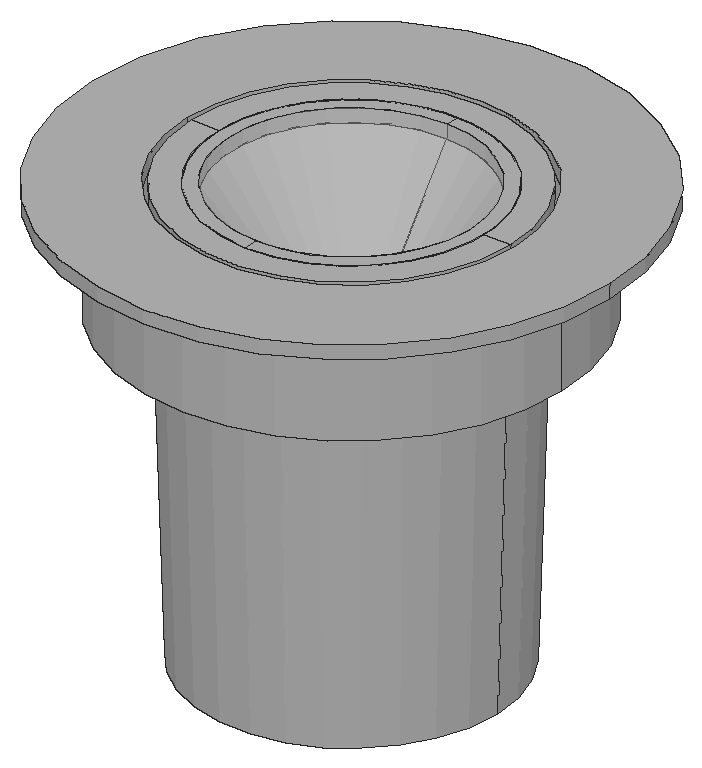
Revit family "3079453 Feilo Sylvania Lighting Fixture INST ECO KIT LED ADJ WH NW DIMMABLE", category Lighting Fixtures, host Face, Revit 2017
Family settings
  Host = Face
  Round Connector Dimension = Use Diameter
  Part Type = Normal
  OmniClass Number = 23.80.70.11.17
  OmniClass Title = Specialized Lighting by Location or Use
  Cut with Voids When Loaded = No
  Light Source = No
  Shared = No
  Room Calculation Point = No
Parameters (values of type "3079453 INST ECO KIT LED ADJ WH NW DIMMABLE")
  Weight = "7.04 kg"
  WarrantyStartDate [instance] = "n/a"
  WarrantyGuarantorParts = "n/a"
  WarrantyDurationUnit = "n/a"
  WarrantyDurationParts = "n/a"
  WarrantyDescription = "n/a"
  Voltage = 230 V
  URL = "http://www.sylvania-lighting.com"
  TypeName = "INST ECO KIT LED ADJ WH NW DIMMABLE"
  TypeHead_FEILO = Rotateable Head : 3079453 INST ECO KIT LED ADJ WH NW DIMMABLE
  SerialNumber [instance] = "n/a"
  PowerFactor = 0
  PowerConsumption = "10 W"
  NominalWidth = 0.0 mm
  NominalLength = 78.0 mm
  NominalHeight = 62.0 mm
  Name = "INST ECO KIT LED ADJ WH NW DIMMABLE"
  ModelReference = "INST ECO KIT LED ADJ WH NW DIMMABLE"
  ModelNumber = "3079453"
  Material_1_FEILO = Aluminum_Sylvania_Instar Eco Kit Adjustable SunDim_Bright
  RecessedDepth_FEILO = Height_FEILO + 38.0 mm  # 100.0 mm
  Material = "aluminium housing, plastic diffuser"
  ManufacturerName = "Feilo Sylvania"
  LuminousEfficacy = "51.5 lm/W"
  LuminaireType = ""
  LightOutputRatio = "100"
  LampsType = Lamp  # "LED"
  LampNominalLuminous = "515 lm"
  LampMacAdamStep = "n/a"
  LampColourTemperature = "4000 K"
  LampColourRenderingIndex = "83"
  Keynote = "16500"
  InstallationDate [instance] = "n/a"
  InputVoltage = "220-240V~"
  InputNominalFrequency = "n/a"
  IngressProtection = "IP23"
  ImpactProtectionIndex = "IK02"
  IfcExportType = "IfcLightFixtureType"
  IfcExportAs = "IfcLightFixtureType"
  HeadRadius_FEILO = HeadDiameter_FEILO / 2  # 24.0 mm
  HeadDiameter_FEILO = AccessoryInnerDiameter_FEILO - 1.5 mm  # 48.0 mm
  ExpectedLife = 50000
  EndAngle_FEILO [instance] = FixtureTiltAngle_FEILO + 180.00°  # 180.00°
  ElectricShockClassification = "Class II"
  DurationUnit = "hours"
  DocumentationLiterature = "http://www.sylvania-lighting.com/product/en-int/products/3079453"
  DimmingControlOptions = "Dimmable"
  CreatedOn = "2/19/2018"
  CreatedBy = ""
  BarCode [instance] = "n/a"
  AssetType = "Fixed"
  AssetIdentifier [instance] = "n/a"
  AccessoryBodyOuterDiameter_FEILO = AccessoryInnerDiameter_FEILO + 14.0 mm  # 63.5 mm
  Offset_FEILO = -5.3 mm  # constant formula
  Diameter_FEILO = AccessoryOuterDiameter_FEILO  # 78.0 mm
  AccessoryInnerDiameter_FEILO = 49.5 mm
  Height_FEILO = 62.0 mm
  FixtureTiltAngle_FEILO [instance] = 0.00°
  CutoutDiameter_FEILO = Diameter_FEILO - 10.0 mm  # 68.0 mm
  Material_2_FEILO = Aluminum_Sylvania_Instar Eco Kit Adjustable SunDim_White
  Material_3_FEILO = Aluminum_Sylvania_Instar Eco Kit Adjustable SunDim_White
  built-in parameter 1114216 [instance] = 1 (stored number, unit not read)
  Model = "INST ECO KIT LED ADJ WH NW DIMMABLE"
  Manufacturer = "Feilo Sylvania"  # constant formula
  Lamp = "LED"
  Material_4_FEILO = Glass_Sylvania_Instar Eco Kit Adjustable SunDim_Clear
  Description = "Utilsing SunDim technology to acheive warmer colour temperature as the fitting is dimmed. Incredible colour quality with 92  to 94 CRI. 12W LED white downlight. Ideal for hospitality accent and display lighting applications such as bathrooms, wellness areas, terraces or porches. Choice of fixed, adjustable and dimmable fixed versions. Comes complete and ready to install with its driver. Available in white and brushed aluminium finishes. Outstanding performace, up to 545lm - at 3,000K. A small 68mm round cut out is required, giving the ability to place your light source almost anywhere due to a shallow luminaire depth of 49.9mm. Quick and easy to install. No UV or IR radiations. LED technology provides energy efficient solution and reduced maintenance costs"  # constant formula
  Default Elevation = 0.0 mm
  built-in parameter 1140040 [instance] = 1
  Assembly Code = "D5020200"
  Apparent Load = 10 VA
  AccessoryBodyInnerDiameter_FEILO = 60.0 mm
  AccessoryOuterDiameter_FEILO = AccessoryBodyInnerDiameter_FEILO + 18.0 mm  # 78.0 mm
Reference planes
  plane 1 "Center (Front/Back)": y = 0
  plane 2: z = 0
  plane 3 "Center (Left/Right)": x = 0
  plane 4 "Fixture Bottom": z = 2
  plane 5 "Accessory Top": z = -15
  plane 6 "Rotation Plane": z = -5.29
  plane 7: y = 5
  plane 8: y = -5
  plane 9: x = -5
Forms (mm)
  Extrusion 1, void
    sketch origin (0, 0, 58) x (-1, 0, 0) y (0, -1, 0)
      loop
        circle (0, 0) r 34
    from -376.952 to -56
  Extrusion 2, solid, material "Aluminum_Sylvania_Instar Eco Kit Adjustable SunDim_White" <- "Material_3_FEILO"
    sketch origin (0, 0, 58) x (-1, 0, 0) y (0, -1, 0)
      loop
        circle (0, 0) r 39
      loop
        circle (0, 0) r 24.75
    from -58 to -56
  Extrusion 3, solid, material "Aluminum_Sylvania_Instar Eco Kit Adjustable SunDim_White" <- "Material_3_FEILO"
    sketch origin (0, 0, 58) x (-1, 0, 0) y (0, -1, 0)
      loop
        circle (0, 0) r 30
      loop
        circle (0, 0) r 31.75
    from -73 to -58
  Revolve 4, solid, not visible
    sketch origin (1.164, -4572, -5.29) x (-1, 0, 0) y (0, -1, 0)
      loop
        line (1.164, -4577) -> (6.164, -4577) -> (6.164, -4567) -> (1.164, -4567) -> (1.164, -4577)
      axis (1.164, -4577) -> (1.164, -4567)
    angle from 0 <- "FixtureTiltAngle_FEILO" to 180 <- "EndAngle_FEILO"
Cuts and joins
  joined: Extrusion 2, Extrusion 3
Dimensions and locks
  locked: plane 4 "Fixture Bottom" to plane 2 at 2
  locked: plane 2 to plane 5 "Accessory Top" at 15
  locked: plane 2 to plane 6 "Rotation Plane" at 5.29
  plane 8 to plane 1 "Center (Front/Back)" to plane 7 = 5.0 mm locked, 5.0 mm locked
  locked: plane 9 to plane 3 "Center (Left/Right)" at 5
  "AccessoryOuterDiameter_FEILO": diameter of Extrusion 2 sketch curve
  "AccessoryInnerDiameter_FEILO": diameter of Extrusion 2 sketch curve
  "AccessoryBodyOuterDiameter_FEILO": diameter of Extrusion 3 sketch curve
  "AccessoryBodyInnerDiameter_FEILO": diameter of Extrusion 3 sketch curve
  "CutoutDiameter_FEILO": diameter of Extrusion 1 sketch curve
  aligned and locked: plane 2 to host face
  aligned and locked: level to host face
  aligned and locked: Extrusion 2 to plane 2
  aligned and locked: plane 4 "Fixture Bottom" to Extrusion 2
  aligned and locked: plane 2 to Extrusion 3
  aligned and locked: Extrusion 3 to plane 5 "Accessory Top"
  aligned and locked: plane 4 "Fixture Bottom" to Extrusion 1
  aligned and locked: plane 3 "Center (Left/Right)" to Revolve 4 sketch curve
  aligned and locked: Revolve 4 sketch curve to plane 3 "Center (Left/Right)"
  aligned and locked: nested 1 to Revolve 4
  aligned and locked: nested 1 to plane 1 "Center (Front/Back)"
  aligned and locked: plane 8 to Revolve 4 sketch curve
  aligned and locked: Revolve 4 sketch curve to plane 7
  aligned and locked: Revolve 4 sketch curve to plane 9
Automatic sketch dimensions
  host sketch curve to host sketch curve = 345.0 mm
  host sketch curve to host sketch curve = 280.0 mm
  Revolve 4 sketch curve to plane 3 "Center (Left/Right)" = 0.0 mm  (x2)
  Revolve 4 sketch curve to plane 7 = 806.717 mm
  plane 8 to Revolve 4 sketch curve = 758.171 mm
  plane 1 "Center (Front/Back)" to Extrusion 1 sketch curve = 0.0 mm
  Extrusion 1 sketch curve to plane 3 "Center (Left/Right)" = 0.0 mm
  Extrusion 2 sketch curve to Extrusion 2 sketch curve = 0.0 mm  (x2)
  plane 1 "Center (Front/Back)" to Extrusion 2 sketch curve = 0.0 mm
  Extrusion 2 sketch curve to plane 3 "Center (Left/Right)" = 0.0 mm
  Extrusion 3 sketch curve to Extrusion 3 sketch curve = 0.0 mm  (x2)
  plane 1 "Center (Front/Back)" to Extrusion 3 sketch curve = 0.0 mm
  Extrusion 3 sketch curve to plane 3 "Center (Left/Right)" = 0.0 mm
Nested families
  nested 1: "Rotateable Head" at (0, -1.973, 0.01) x (1, 0, 0) z (0, 0, -1), type <- "TypeHead_FEILO", type "3079453 INST ECO KIT LED ADJ WH NW DIMMABLE"
Definition of nested family "Rotateable Head"
  Parameters (values of type "3079456 INST ECO KIT LED ADJ BA 2.7K DIMMABLE")
    Wattage = 10 W
    built-in parameter 1150110 = 1 (stored number, unit not read)
    URL = "http://www.feilosylvania.com"
    built-in parameter 1114217 = 1 (stored number, unit not read)
    Tilt Angle = 90.00°
    built-in parameter 1150109 = 1 (stored number, unit not read)
    built-in parameter 1150134 = (empty or 0)
    built-in parameter 1150113 = 1 (stored number, unit not read)
    Model = "INST ECO KIT LED ADJ BA 2.7K DIMMABLE"
    Material_1_FEILO = none
    Photometric Web File = "3079456.ies"
    Outer Radius = 24.0 mm
    Manufacturer = "Feilo Sylvania"
    built-in parameter 1150105 = 854.9 (stored number, unit not read)
    Lumens = 450 lm
    built-in parameter 1150115 = 1 (stored number, unit not read)
    built-in parameter 1150137 = (empty or 0)
    built-in parameter 1150139 = (empty or 0)
    built-in parameter 1150112 = 1 (stored number, unit not read)
    built-in parameter 1150114 = 1 (stored number, unit not read)
    Lamp = "LED"
    Keynote = "16500"
    Inner Radius = Outer Radius - 4.0 mm  # 20.0 mm
    built-in parameter 1150132 = 2
    built-in parameter 1150102 = (empty or 0)
    built-in parameter 1150107 = 2700 (stored number, unit not read)
    built-in parameter 1150138 = (empty or 0)
    built-in parameter 1150106 = 8.549 (stored number, unit not read)
    Height = 62.0 mm
    Emit from Circle Diameter = Diffuser Radius * 2  # 36.0 mm
    Emit Shape Visible in Rendering = no
    built-in parameter 1150104 = 4.1806 (stored number, unit not read)
    Dimming Lamp Color Temperature Shift = (empty or 0)
    Diffuser Radius = Outer Radius - 6.0 mm  # 18.0 mm
    Material_2_FEILO = none
    Description = "25° tiltable, IP23 Accent downlight perfect for 50W Halogen retrofits. Optimal solution in size and luminous efficiency for hospitality and accent and display lighting applications with a 36° beam and 450 lumen output. The downlight provides 2700K CCT and also comes including a dimmable driver."
    Default Elevation = 0.0 mm
    Color Filter = 16777215
    Material_3_FEILO = none
    built-in parameter 1114218 = 1 (stored number, unit not read)
    built-in parameter 1150133 = 10 (stored number, unit not read)
    Assembly Code = "D5020200"
    Apparent Load = 10 VA
  Types (12, lengths in mm): name | built-in parameter 1150134 | Model | Photometric Web File | built-in parameter 1150105 | Lumens | built-in parameter 1150107 | built-in parameter 1150106 | built-in parameter 1150104 | Description
    3079456 INST ECO KIT LED ADJ BA 2.7K DIMMABLE | (empty or 0) | "INST ECO KIT LED ADJ BA 2.7K DIMMABLE" | "3079456.ies" | 854.9 (stored number, unit not read) | 450 lm | 2700 (stored number, unit not read) | 8.549 (stored number, unit not read) | 4.1806 (stored number, unit not read) | "25° tiltable, IP23 Accent downlight perfect for 50W Halogen retrofits. Optimal solution in size and luminous efficiency for hospitality and accent and display lighting applications with a 36° beam and 450 lumen output. The downlight provides 2700K CCT and also comes including a dimmable driver."
    3079455 INST ECO KIT LED ADJ WH 2.7K DIMMABLE | (empty or 0) | "INST ECO KIT LED ADJ WH 2.7K DIMMABLE" | "3079455.ies" | 854.9 (stored number, unit not read) | 450 lm | 2700 (stored number, unit not read) | 8.549 (stored number, unit not read) | 4.1806 (stored number, unit not read) | "25° tiltable, IP23 Accent downlight perfect for 50W Halogen retrofits. Optimal solution in size and luminous efficiency for hospitality and accent and display lighting applications with a 36° beam and 450 lumen output. The downlight provides 2700K CCT and also comes including a dimmable driver."
    3079454 INST ECO KIT LED ADJ BA NW DIMMABLE | 12 | "INST ECO KIT LED ADJ BA NW DIMMABLE" | "3079454.ies" | 981.6 (stored number, unit not read) | 515 lm | 4000 (stored number, unit not read) | 9.816 (stored number, unit not read) | 4.7845 (stored number, unit not read) | "25° tiltable, IP23 Accent downlight perfect for 50W Halogen retrofits. Optimal solution in size and luminous efficiency for hospitality and accent and display lighting applications with a 36° beam and 515 lumen output. The downlight provides 4000K CCT and also comes including a dimmable driver."
    3079453 INST ECO KIT LED ADJ WH NW DIMMABLE | 12 | "INST ECO KIT LED ADJ WH NW DIMMABLE" | "3079453.ies" | 981.6 (stored number, unit not read) | 515 lm | 4000 (stored number, unit not read) | 9.816 (stored number, unit not read) | 4.7845 (stored number, unit not read) | "25° tiltable, IP23 Accent downlight perfect for 50W Halogen retrofits. Optimal solution in size and luminous efficiency for hospitality and accent and display lighting applications with a 36° beam and 515 lumen output. The downlight provides 4000K CCT and also comes including a dimmable driver."
    3079452 INST ECO KIT LED ADJ BA WW DIMMABLE | (empty or 0) | "INST ECO KIT LED ADJ BA WW DIMMABLE" | "3079452.ies" | 846.87 (stored number, unit not read) | 462 lm | 3000 (stored number, unit not read) | 8.4687 (stored number, unit not read) | 4.2921 (stored number, unit not read) | "25° tiltable, IP23 Accent downlight perfect for 50W Halogen retrofits. Optimal solution in size and luminous efficiency for hospitality and accent and display lighting applications with a 36° beam and 462 lumen output. The downlight provides 3000K CCT and also comes including a dimmable driver."
    3079451 INST ECO KIT LED ADJ WH WW DIMMABLE | (empty or 0) | "INST ECO KIT LED ADJ WH WW DIMMABLE" | "3079451.ies" | 846.87 (stored number, unit not read) | 462 lm | 3000 (stored number, unit not read) | 8.4687 (stored number, unit not read) | 4.2921 (stored number, unit not read) | "25° tiltable, IP23 Accent downlight perfect for 50W Halogen retrofits. Optimal solution in size and luminous efficiency for hospitality and accent and display lighting applications with a 36° beam and 462 lumen output. The downlight provides 3000K CCT and also comes including a dimmable driver."
    3079356 INST ECO KIT LED ADJ BA 2700K | (empty or 0) | "INST ECO KIT LED ADJ BA 2700K" | "3079356.ies" | 854.9 (stored number, unit not read) | 450 lm | 2700 (stored number, unit not read) | 8.549 (stored number, unit not read) | 4.1806 (stored number, unit not read) | "25° tiltable, IP23 Accent downlight perfect for 50W Halogen retrofits. Optimal solution in size and luminous efficiency for hospitality and accent and display lighting applications with a 36° beam and 450 lumen output. The downlight provides 2700K CCT and also comes including a non dimmable driver."
    3079355 INST ECO KIT LED ADJ WH 2700K | (empty or 0) | "INST ECO KIT LED ADJ WH 2700K" | "3079355.ies" | 854.9 (stored number, unit not read) | 450 lm | 2700 (stored number, unit not read) | 8.549 (stored number, unit not read) | 4.1806 (stored number, unit not read) | "25° tiltable, IP23 Accent downlight perfect for 50W Halogen retrofits. Optimal solution in size and luminous efficiency for hospitality and accent and display lighting applications with a 36° beam and 450 lumen output. The downlight provides 2700K CCT and also comes including a non dimmable driver."
    3079354 INST ECO KIT LED ADJ BA 36° NW | 12 | "INST ECO KIT LED ADJ BA 36° NW" | "3079354.ies" | 981.6 (stored number, unit not read) | 515 lm | 4000 (stored number, unit not read) | 9.816 (stored number, unit not read) | 4.7845 (stored number, unit not read) | "25° tiltable, IP23 Accent downlight perfect for 50W Halogen retrofits. Optimal solution in size and luminous efficiency for hospitality and accent and display lighting applications with a 36° beam and 515 lumen output. The downlight provides 4000K CCT and also comes including a non dimmable driver."
    3079353 INST ECO KIT LED ADJ WH 36° NW | 12 | "INST ECO KIT LED ADJ WH 36° NW" | "3079353.ies" | 981.6 (stored number, unit not read) | 515 lm | 4000 (stored number, unit not read) | 9.816 (stored number, unit not read) | 4.7845 (stored number, unit not read) | "25° tiltable, IP23 Accent downlight perfect for 50W Halogen retrofits. Optimal solution in size and luminous efficiency for hospitality and accent and display lighting applications with a 36° beam and 515 lumen output. The downlight provides 4000K CCT and also comes including a non dimmable driver."
    3079352 INST ECO KIT LED ADJ BA 36° WW | (empty or 0) | "INST ECO KIT LED ADJ BA 36° WW" | "3079352.ies" | 846.87 (stored number, unit not read) | 462 lm | 3000 (stored number, unit not read) | 8.4687 (stored number, unit not read) | 4.2921 (stored number, unit not read) | "25° tiltable, IP23 Accent downlight perfect for 50W Halogen retrofits. Optimal solution in size and luminous efficiency for hospitality and accent and display lighting applications with a 36° beam and 462 lumen output. The downlight provides 3000K CCT and also comes including a non dimmable driver."
    3079351 INST ECO KIT LED ADJ WH 36° WW | (empty or 0) | "INST ECO KIT LED ADJ WH 36° WW" | "3079351.ies" | 846.87 (stored number, unit not read) | 462 lm | 3000 (stored number, unit not read) | 8.4687 (stored number, unit not read) | 4.2921 (stored number, unit not read) | "25° tiltable, IP23 Accent downlight perfect for 50W Halogen retrofits. Optimal solution in size and luminous efficiency for hospitality and accent and display lighting applications with a 36° beam and 462 lumen output. The downlight provides 3000K CCT and also comes including a non dimmable driver."
  Reference planes
    plane 1 "Center (Front/Back)": y = -1.973
    plane 2: z = 0
    plane 3 "Center (Left/Right)": x = 0
    plane 4: z = -2
    plane 5: z = 62
    plane 6: z = 58
    plane 7: z = 5.3
  Forms (mm)
    Revolve 1, solid, material <- "Material_1_FEILO", detail levels fine
      sketch origin (0, 0, 0) x (0, 1, 0) y (0, 0, 1)
        loop
          line (18.027, -2) -> (17.433, 17) -> (-1.973, 17) -> (-1.973, 15) -> (5.129, 15) -> (16.027, 0) -> (16.027, -2) -> (18.027, -2)
        axis (-1.973, 17) -> (-1.973, -2)
      angle from 0 to 360
    Extrusion 2, solid, material <- "Material_2_FEILO", detail levels fine
      sketch origin (0, 0, 0) x (1, 0, 0) y (0, 1, 0)
        loop
          circle (0, -1.973) r 18
      from -2 to 0
    Revolve 3, solid, material <- "Material_3_FEILO", detail levels fine
      sketch origin (0, -1.973, 0) x (1, 0, 0) y (0, 0, 1)
        loop
          line (-24, -2) -> (-20, -2) -> (-18.125, 58) -> (0, 58) -> (0, 62) -> (-22, 62) -> (-24, -2)
        axis (0, 62) -> (0, -2)
      angle from 0 to 360
    Revolve 4, solid, material <- "Material_3_FEILO", detail levels coarse+medium
      sketch origin (0, -1.973, 0) x (1, 0, 0) y (0, 0, 1)
        loop
          line (-24, -2) -> (0, -2) -> (0, 62) -> (-22, 62) -> (-24, -2)
        axis (0, 62) -> (0, -2)
      angle from 0 to 360
  Dimensions and locks
    "Outer Radius": plane 3 "Center (Left/Right)" to Revolve 3 sketch curve
    locked: Revolve 3 sketch curve to Revolve 3 sketch curve at 4
    locked: Revolve 3 sketch curve to Revolve 3 sketch curve at 3.998
    "Inner Radius": Revolve 1 sketch curve to plane 1 "Center (Front/Back)"
    locked: Revolve 1 sketch curve to Revolve 1 sketch curve at 2
    locked: plane 7 to plane 2 at 5.3
    "Outer Radius": imposter light to Revolve 4 sketch curve
    locked: level to plane 4 at 2
    locked: plane 5 to plane 6 at 4
    "Height": plane 5 to level
    "Diffuser Radius": radius of Extrusion 2 sketch curve
    aligned and locked: level to plane 2
    aligned and locked: Revolve 1 sketch curve to plane 4
    aligned and locked: plane 1 "Center (Front/Back)" to Revolve 1 sketch curve
    aligned and locked: Revolve 1 sketch curve to plane 1 "Center (Front/Back)"
    aligned and locked: plane 4 to Revolve 1 sketch curve
    aligned and locked: plane 2 to Revolve 1 sketch curve
    aligned and locked: Revolve 1 sketch curve to Revolve 1 sketch curve
    aligned and locked: Extrusion 2 to plane 4
    aligned and locked: plane 2 to Extrusion 2
    aligned and locked: Revolve 3 sketch curve to plane 5
    aligned and locked: Revolve 3 sketch curve to plane 6
    aligned and locked: Revolve 3 sketch curve to plane 3 "Center (Left/Right)"  (x2)
    aligned and locked: plane 3 "Center (Left/Right)" to imposter light
    aligned and locked: plane 1 "Center (Front/Back)" to imposter light
    aligned and locked: plane 4 to imposter light
    aligned and locked: Revolve 4 sketch curve to plane 5
    aligned and locked: Revolve 4 sketch curve to plane 4
    aligned and locked: Revolve 4 sketch curve to plane 3 "Center (Left/Right)"
  Automatic sketch dimensions
    Revolve 1 sketch curve to plane 1 "Center (Front/Back)" = 7.102 mm
    Revolve 1 sketch curve to Revolve 1 sketch curve = 12.304 mm
    Revolve 1 sketch curve to plane 7 = 9.7 mm
    Revolve 1 sketch curve to Revolve 1 sketch curve = 2.0 mm
    Revolve 1 sketch curve to plane 4 = 14.644 mm
    Revolve 1 sketch curve to Revolve 1 sketch curve = 17.617 mm
    plane 1 "Center (Front/Back)" to Extrusion 2 sketch curve = 0.0 mm
    Extrusion 2 sketch curve to plane 3 "Center (Left/Right)" = 0.0 mm
    Revolve 3 sketch curve to plane 4 = 0.0 mm
    Revolve 3 sketch curve to plane 4 = 30.928 mm
    Revolve 3 sketch curve to Revolve 3 sketch curve = 20.072 mm
    Revolve 4 sketch curve to plane 3 "Center (Left/Right)" = 0.0 mm
    Revolve 4 sketch curve to plane 3 "Center (Left/Right)" = 22.0 mm
    Revolve 4 sketch curve to Revolve 4 sketch curve = 30.928 mm
    Revolve 4 sketch curve to Revolve 4 sketch curve = 20.072 mm
